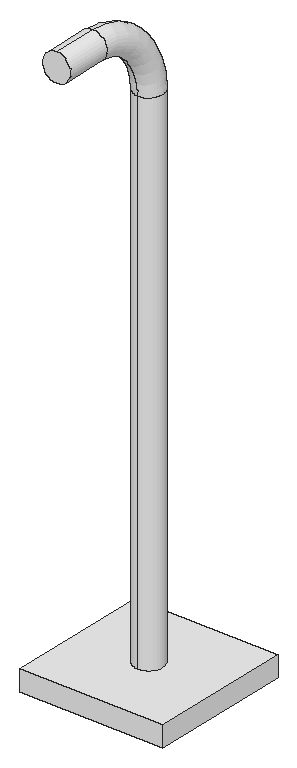
Revit family "Shower_Arm-GROHE-Rainshower-27489000", category Plumbing Fixtures, host Face, Revit 2014
Parameters
  Width = 2 1/16"  # constant formula
  Waste Connection = no
  Warranty Documentation Link = "https://cdn.cloud.grohe.com/tpi/1000/1900/1940/1949/1949006/original/1949006.pdf"
  WFU = 4  # constant formula
  Vent Connection = no
  URL = "https://www.grohe.us/"
  Type Comments = ""
  Tempered Connection Radius = Tempered Connection Diameter / 2  # 1/4"
  Tempered Connection Diameter = Hot Water Connection Diameter  # 1/2"
  Product Page URL = "https://www.grohe.us/en_us/rainshower-12-shower-arm-with-square-flange-27489000.html"
  Price = "Prices may vary. Please consult Manufacturer Representative for most up-to-date price list."  # constant formula
  Model = "27489000"
  Material = "Metal-Grohe-000-Chrome"
  Manufacturer = "Grohe"
  Length = 3 3/16"  # constant formula
  Installation Type = "Wall Mounted"
  Hot Water Connection Radius = Hot Water Connection Diameter / 2  # 1/4"
  Hot Water Connection Diameter = Cold Water Connection Diameter  # 1/2"
  Height = 10 13/16"  # constant formula
  HWFU = 3  # constant formula
  Flow Rate = "2.0 gpm (7.6 L/min)"  # constant formula
  Finish = Metal-Grohe-000-Chrome
  Description = "Rainshower 12\" Shower Arm with Square Flange"
  Default Elevation = 78"  # constant formula
  Creation Date = "03/10/2017"  # constant formula
  Cold Water Connection Radius = 1/4"  # constant formula
  Cold Water Connection Diameter = Cold Water Connection Radius * 2  # 1/2"
  CWFU = 3  # constant formula
  Assembly Code = "D2090800"
Reference planes (in)
  plane 1 "Center (Front/Back)": y = 0
  plane 2: z = 0
  plane 3 "Center (Left/Right)": x = 0
  plane 4: z = 10.8125
  plane 5: y = -2.0625
  plane 6: x = -1.28125
  plane 7: y = 1.28125
  plane 8: z = 0.375
  plane 9: x = 1.28125
  plane 10: y = -1.28125
Forms (in)
  Extrusion 1, solid, material "Metal-Grohe-000-Chrome" <- "Finish"
    sketch origin (0, 0, 0) x (1, 0, 0) y (0, 1, 0)
      loop
        line (-1.28125, 1.28125) -> (-1.28125, -1.28125) -> (1.28125, -1.28125) -> (1.28125, 1.28125) -> (-1.28125, 1.28125)
    from 0 to 0.375
  Sweep 2, solid, material "Metal-Grohe-000-Chrome" <- "Finish"
    path origin (0, 0, 0) x (0, 1, 0) y (0, 0, 1)
      loop
        line (0, 0) -> (0, 9.5625)
        arc (0, 9.5625) -> (-0.36612, 10.44638) -> (-1.25, 10.8125) r 1.25
        line (-1.25, 10.8125) -> (-2.0625, 10.8125)
    profile origin (0, 0, 4.78125) x (0, -1, 0) y (1, 0, 0)
      loop
        circle (0, 0) r 0.25
Cuts and joins
  joined: Extrusion 1, Sweep 2
Lines and regions (in)
  Masking region 1
    outline origin (0, 0, 0) x (1, 0, 0) y (0, 0, 1)
      loop
        line (0.25101, 0.375) -> (0.25101, 10.84121)
        arc (0.25101, 10.84121) -> (-0.00386, 11.03964) -> (-0.25101, 10.83168) r 0.25669
        line (-0.25101, 10.83168) -> (-0.25101, 0.375) -> (-1.28125, 0.375) -> (-1.28125, 0) -> (1.28125, 0) -> (1.28125, 0.375) -> (0.25101, 0.375)
  symbolic lines, style "PlumbingFixtures", detail levels medium+fine
    curve 1: line (0.25, 0, 0.375) -> (-0.25, 0, 0.375)
Dimensions and locks (in)
  "Height": plane 4 to level
  "Width": plane 1 "Center (Front/Back)" to plane 5
  locked: plane 8 to level at 0.375
  aligned and locked: plane 2 to host face
  aligned and locked: level to host face
  aligned and locked: plane 7 to Extrusion 1 sketch curve
  aligned and locked: plane 6 to Extrusion 1 sketch curve
  aligned and locked: plane 10 to Extrusion 1 sketch curve
  aligned and locked: plane 9 to Extrusion 1 sketch curve
  aligned and locked: plane 8 to Extrusion 1
Automatic sketch dimensions
  host sketch curve to host sketch curve = 96"  (x2)
  curve 1 to plane 3 "Center (Left/Right)" = 1/4"
  plane 3 "Center (Left/Right)" to curve 1 = 1/4"
  plane 8 to curve 1 = 0"
  Masking region 1 sketch curve to plane 6 = 0"
  Masking region 1 sketch curve to plane 8 = 0"  (x2)
  plane 9 to Masking region 1 sketch curve = 0"
  Masking region 1 sketch curve to plane 3 "Center (Left/Right)" = 0.25101"
  plane 3 "Center (Left/Right)" to Masking region 1 sketch curve = 0.00101"
  plane 3 "Center (Left/Right)" to Masking region 1 sketch curve = 0.25101"
  Masking region 1 sketch curve to plane 4 = 0.0295"
  plane 4 to Masking region 1 sketch curve = 0.01918"
  Masking region 1 sketch curve to level = 0"
  Sweep 2 sketch curve to plane 4 = 0"
  Sweep 2 sketch curve to plane 5 = 0"
  Sweep 2 sketch curve to plane 1 "Center (Front/Back)" = 0"
  Sweep 2 sketch curve to level = 0"
  plane 10 to Sweep 2 sketch curve = 1/32"
  Sweep 2 sketch curve to plane 3 "Center (Left/Right)" = 0"
  Sweep 2 sketch curve to profile plane = 0"
  radius of Sweep 2 sketch curve = 1/4"
Connectors (in)
  piping at (0, 0, 0), diameter 0.5, driven by "Tempered Connection Diameter"
    settings: on cut or joined group of Extrusion 1, Sweep 2, index 1, connector inside diameter 24", connector length 0", flow factor 0, pipe flow 0 GPM, pressure drop 0.00 psi, fitting loss kfactor 0, connector angle 0.00°, fixture units 0, engagement length 0", angle of deflection 0.00°, flow configuration 0, flow direction 1, fitting loss method 0, system type 29, joint type 0, gender type 0, connector reference index -1, connector utility 0, adjustable connector no, is connector primary yes, connector description "1/2\" NPT Supply Inlet"
